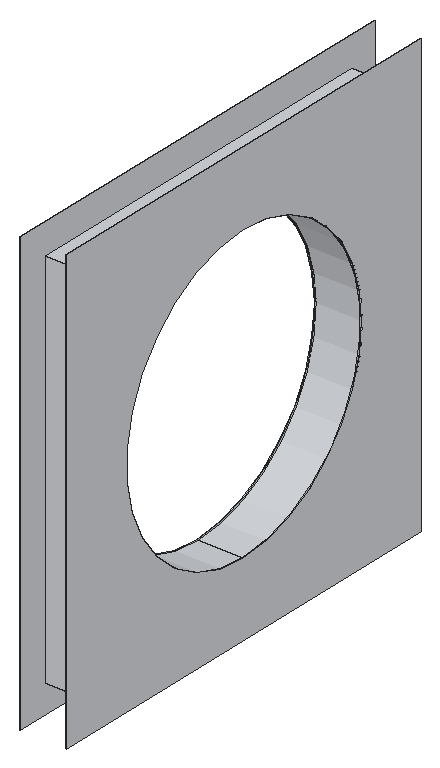
Revit family
Parameters (values of type "DW30HFIRESTOPKIT")
  WALLTHICK = 4 77/128"  # constant formula
  Model = "DW30HFIRESTOPKIT"
  Manufacturer = "CaptiveAire"
  PLATETHICK = 27/256"  # constant formula
  Description = "30\" Double Horizontal Fire Stop"
  DUCTRAD = (DUCTDIA / 2)  # 15"
  PLATESIZE = 45"
  INSULATIONSIZE = 39"
  DUCTDIA = 30"
Types (10): name | Model | Description | DUCTRAD | PLATESIZE | INSULATIONSIZE | DUCTDIA
  (no name) | "DW30HFIRESTOPKIT" | "30\" Double Horizontal Fire Stop" | 15" | 45" | 39" | 30"
  DW12HFIRESTOPKIT | "DW12HFIRESTOPKIT" | "12\" Double Horizontal Fire Stop" | 7" | 27" | 21" | 14"
  DW14HFIRESTOPKIT | "DW14HFIRESTOPKIT" | "14\" Double Horizontal Fire Stop" | 8" | 29" | 23" | 16"
  DW16HFIRESTOPKIT | "DW16HFIRESTOPKIT" | "16\" Double Horizontal Fire Stop" | 9" | 31" | 25" | 18"
  DW18HFIRESTOPKIT | "DW18HFIRESTOPKIT" | "18\" Double Horizontal Fire Stop" | 10" | 33" | 27" | 20"
  DW20HFIRESTOPKIT | "DW20HFIRESTOPKIT" | "20\" Double Horizontal Fire Stop" | 11" | 35" | 29" | 22"
  DW22HFIRESTOPKIT | "DW22HFIRESTOPKIT" | "22\" Double Horizontal Fire Stop" | 12" | 37" | 31" | 24"
  DW24HFIRESTOPKIT | "DW24HFIRESTOPKIT" | "24\" Double Horizontal Fire Stop" | 13" | 39" | 33" | 26"
  DW26HFIRESTOPKIT | "DW26HFIRESTOPKIT" | "26\" Double Horizontal Fire Stop" | 14" | 41" | 35" | 28"
  DW30HFIRESTOPKIT | "DW30HFIRESTOPKIT" | "30\" Double Horizontal Fire Stop" | 15" | 45" | 39" | 30"
Reference planes (in)
  plane 1 "Center (Front/Back)": y = 0
  plane 2: z = 0
  plane 3 "Center (Left/Right)": x = -5.5958
  plane 4: z = 15
  plane 5: z = 19.5
  plane 6: z = 22.5
  plane 7: z = -19.5
  plane 8: z = -22.5
  plane 9: y = 19.5
  plane 10: y = 22.5
  plane 11: y = -19.5
  plane 12: y = -22.5
  plane 13: x = -0.99424
  plane 14: x = -0.88877
  plane 15: x = -5.70127
Forms (in)
  Extrusion 1, solid
    sketch origin (-0.99424, -180, -9.95905) x (0, 0, -1) y (0, -1, 0)
      loop
        line (-29.45905, -199.5) -> (9.54095, -199.5) -> (9.54095, -160.5) -> (-29.45905, -160.5) -> (-29.45905, -199.5)
      loop
        circle (-9.95905, -180) r 15
    from 0 to 4.60156
  Extrusion 2, solid
    sketch origin (-5.70127, -180, -9.95905) x (0, 0, -1) y (0, -1, 0)
      loop
        line (-32.45905, -202.5) -> (12.54095, -202.5) -> (12.54095, -157.5) -> (-32.45905, -157.5) -> (-32.45905, -202.5)
      loop
        circle (-9.95905, -180) r 15
    from 0 to -0.10547
  Extrusion 3, solid
    sketch origin (-0.88877, -180, 9.1721) x (0, 0, 1) y (0, -1, 0)
      loop
        circle (-9.1721, -180) r 15
      loop
        line (13.3279, -202.5) -> (13.3279, -157.5) -> (-31.6721, -157.5) -> (-31.6721, -202.5) -> (13.3279, -202.5)
    from 0 to -0.10547
Dimensions and locks (in)
  "DUCTRAD": plane 4 to level
  equal spacing: plane 5, level, plane 7
  equal spacing: plane 6, level, plane 8
  "INSULATIONSIZE": plane 5 to plane 7
  "PLATESIZE": plane 6 to plane 8
  equal spacing: plane 9, plane 1 "Center (Front/Back)", plane 11
  equal spacing: plane 10, plane 1 "Center (Front/Back)", plane 12
  "INSULATIONSIZE": plane 9 to plane 11
  "PLATESIZE": plane 10 to plane 12
  "PLATETHICK": plane 3 "Center (Left/Right)" to plane 15
  "PLATETHICK": plane 13 to plane 14
  "WALLTHICK": plane 3 "Center (Left/Right)" to plane 13
  "DUCTRAD": radius of Extrusion 1 sketch curve
  aligned and locked: plane 9 to Extrusion 1 sketch curve
  aligned and locked: plane 11 to Extrusion 1 sketch curve
  aligned and locked: Extrusion 1 sketch curve to plane 7
  aligned and locked: Extrusion 1 sketch curve to plane 5
  aligned and locked: Extrusion 1 to plane 3 "Center (Left/Right)"
  aligned and locked: Extrusion 2 sketch curve to Extrusion 1
  aligned and locked: plane 8 to Extrusion 2 sketch curve
  aligned and locked: plane 12 to Extrusion 2 sketch curve
  aligned and locked: plane 6 to Extrusion 2 sketch curve
  aligned and locked: Extrusion 2 sketch curve to plane 10
  aligned and locked: Extrusion 2 to plane 3 "Center (Left/Right)"
  aligned and locked: plane 6 to Extrusion 3 sketch curve
  aligned and locked: plane 12 to Extrusion 3 sketch curve
  aligned and locked: plane 8 to Extrusion 3 sketch curve
  aligned and locked: Extrusion 3 sketch curve to plane 10
  aligned and locked: Extrusion 3 sketch curve to Extrusion 2
  aligned and locked: Extrusion 3 to plane 13
Automatic sketch dimensions
  Extrusion 1 sketch curve to level = 0"
  Extrusion 1 sketch curve to plane 1 "Center (Front/Back)" = 0"
